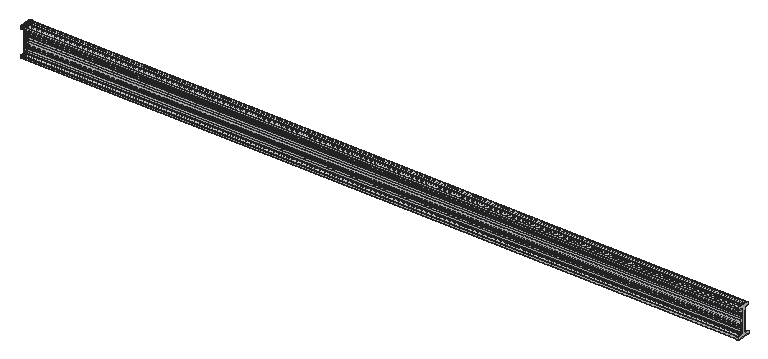
Revit family "Xbeam - 10m Beam Only", category Structural Framing, Revit 2017 (continued)
Automatic sketch dimensions
  Extrusion 4 sketch curve to Extrusion 4 sketch curve = 3.996 mm  (x2)
  Extrusion 4 sketch curve to Extrusion 4 sketch curve = 1.783 mm  (x2)
  Extrusion 4 sketch curve to Extrusion 4 sketch curve = 0.866 mm  (x2)
  Extrusion 4 sketch curve to Extrusion 4 sketch curve = 1.519 mm
  Extrusion 4 sketch curve to Extrusion 4 sketch curve = 2.443 mm  (x2)
  Extrusion 4 sketch curve to Extrusion 4 sketch curve = 0.769 mm
  Extrusion 4 sketch curve to Extrusion 4 sketch curve = 2.023 mm  (x2)
  Extrusion 4 sketch curve to Extrusion 4 sketch curve = 0.914 mm  (x2)
  Extrusion 4 sketch curve to Extrusion 4 sketch curve = 1.963 mm  (x2)
  Extrusion 4 sketch curve to Extrusion 4 sketch curve = 0.661 mm
  Extrusion 4 sketch curve to Extrusion 4 sketch curve = 1.095 mm
  Extrusion 4 sketch curve to Extrusion 4 sketch curve = 1.347 mm
  Extrusion 4 sketch curve to Extrusion 4 sketch curve = 1.097 mm
  Extrusion 4 sketch curve to Extrusion 4 sketch curve = 3.533 mm  (x2)
  Extrusion 4 sketch curve to Extrusion 4 sketch curve = 0.479 mm
  Extrusion 4 sketch curve to Extrusion 4 sketch curve = 0.61 mm  (x2)
  Extrusion 4 sketch curve to Extrusion 4 sketch curve = 0.619 mm
  Extrusion 4 sketch curve to Extrusion 4 sketch curve = 28.716 mm
  Extrusion 4 sketch curve to Extrusion 4 sketch curve = 3.8 mm
  Extrusion 4 sketch curve to Extrusion 4 sketch curve = 21.268 mm
  Extrusion 4 sketch curve to Extrusion 4 sketch curve = 21.014 mm
  Extrusion 4 sketch curve to Extrusion 4 sketch curve = 3.951 mm
  Extrusion 4 sketch curve to Extrusion 4 sketch curve = 0.587 mm
  Extrusion 4 sketch curve to Extrusion 4 sketch curve = 25.193 mm
  Extrusion 4 sketch curve to Extrusion 4 sketch curve = 1.771 mm
  Extrusion 4 sketch curve to Extrusion 4 sketch curve = 0.286 mm
  Extrusion 4 sketch curve to Extrusion 4 sketch curve = 0.41 mm
  Extrusion 4 sketch curve to Extrusion 4 sketch curve = 0.599 mm
  Extrusion 4 sketch curve to Extrusion 4 sketch curve = 2.751 mm
  Extrusion 4 sketch curve to Extrusion 4 sketch curve = 2.62 mm
  Extrusion 4 sketch curve to Extrusion 4 sketch curve = 0.383 mm
  Extrusion 4 sketch curve to Extrusion 4 sketch curve = 2.364 mm
  Extrusion 4 sketch curve to Extrusion 4 sketch curve = 0.268 mm
  Extrusion 4 sketch curve to Extrusion 4 sketch curve = 2.833 mm
  Extrusion 4 sketch curve to Extrusion 4 sketch curve = 2.017 mm
  Extrusion 4 sketch curve to Extrusion 4 sketch curve = 1.173 mm
  Extrusion 4 sketch curve to Extrusion 4 sketch curve = 0.781 mm
  Extrusion 4 sketch curve to Extrusion 4 sketch curve = 2.506 mm
  Extrusion 4 sketch curve to Extrusion 4 sketch curve = 0.776 mm
  Extrusion 5 sketch curve to plane 1 "Center (Front/Back)" = 0 mm
  Extrusion 5 sketch curve to Extrusion 5 sketch curve = 0.6 mm
  Extrusion 5 sketch curve to Extrusion 5 sketch curve = 0.011 mm
  Extrusion 5 sketch curve to plane 1 "Center (Front/Back)" = 0.678 mm
  Extrusion 5 sketch curve to Extrusion 5 sketch curve = 0.051 mm
  Extrusion 5 sketch curve to Extrusion 5 sketch curve = 0.868 mm
  Extrusion 5 sketch curve to Extrusion 5 sketch curve = 0.441 mm
  Extrusion 5 sketch curve to Extrusion 5 sketch curve = 0.521 mm
  Extrusion 5 sketch curve to Extrusion 5 sketch curve = 0.318 mm
  Extrusion 5 sketch curve to Extrusion 5 sketch curve = 2.81 mm
  Extrusion 5 sketch curve to Extrusion 5 sketch curve = 0.07 mm
  Extrusion 5 sketch curve to Extrusion 5 sketch curve = 57.995 mm
  Extrusion 5 sketch curve to Extrusion 5 sketch curve = 0.054 mm
  Extrusion 5 sketch curve to Extrusion 5 sketch curve = 0.036 mm
  Extrusion 5 sketch curve to Extrusion 5 sketch curve = 0.045 mm
  Extrusion 5 sketch curve to Extrusion 5 sketch curve = 0.64 mm
  Extrusion 5 sketch curve to Extrusion 5 sketch curve = 0.774 mm  (x2)
  Extrusion 5 sketch curve to Extrusion 5 sketch curve = 0.644 mm
  Extrusion 5 sketch curve to Extrusion 5 sketch curve = 1.3 mm  (x2)
  Extrusion 5 sketch curve to level = 370.274 mm
  Extrusion 5 sketch curve to Extrusion 5 sketch curve = 0.174 mm
  Extrusion 5 sketch curve to Extrusion 5 sketch curve = 1.863 mm
  Extrusion 5 sketch curve to Extrusion 5 sketch curve = 0.327 mm
  Extrusion 5 sketch curve to Extrusion 5 sketch curve = 0.328 mm
  Extrusion 5 sketch curve to Extrusion 5 sketch curve = 0 mm  (x3)
  Extrusion 5 sketch curve to Extrusion 5 sketch curve = 0.455 mm
  Extrusion 5 sketch curve to Extrusion 5 sketch curve = 0.998 mm
  Extrusion 5 sketch curve to Extrusion 5 sketch curve = 1.49 mm
  Extrusion 5 sketch curve to Extrusion 5 sketch curve = 2.959 mm
  Extrusion 5 sketch curve to Extrusion 5 sketch curve = 1.462 mm
  Extrusion 5 sketch curve to Extrusion 5 sketch curve = 1.501 mm
  Extrusion 5 sketch curve to Extrusion 5 sketch curve = 4.574 mm
  Extrusion 5 sketch curve to Extrusion 5 sketch curve = 0.532 mm
  Extrusion 5 sketch curve to Extrusion 5 sketch curve = 0.475 mm
  Extrusion 5 sketch curve to Extrusion 5 sketch curve = 2.664 mm
  Extrusion 5 sketch curve to Extrusion 5 sketch curve = 0.562 mm
  Extrusion 5 sketch curve to Extrusion 5 sketch curve = 0.526 mm
  Extrusion 5 sketch curve to Extrusion 5 sketch curve = 0.359 mm
  plane 1 "Center (Front/Back)" to Extrusion 6 sketch curve = 100.2 mm
  Extrusion 6 sketch curve to Extrusion 6 sketch curve = 0.656 mm
  Extrusion 6 sketch curve to Extrusion 6 sketch curve = 1.3 mm  (x3)
  Extrusion 6 sketch curve to Extrusion 6 sketch curve = 0.644 mm
  Extrusion 6 sketch curve to Extrusion 6 sketch curve = 0.64 mm
  Extrusion 6 sketch curve to Extrusion 6 sketch curve = 0.045 mm
  Extrusion 6 sketch curve to Extrusion 6 sketch curve = 0.72 mm
  Extrusion 6 sketch curve to Extrusion 6 sketch curve = 0.054 mm
  Extrusion 6 sketch curve to Extrusion 6 sketch curve = 58.06 mm
  Extrusion 6 sketch curve to Extrusion 6 sketch curve = 0.07 mm
  Extrusion 6 sketch curve to Extrusion 6 sketch curve = 2.482 mm
  Extrusion 6 sketch curve to Extrusion 6 sketch curve = 0.318 mm
  Extrusion 6 sketch curve to Extrusion 6 sketch curve = 0.079 mm
  Extrusion 6 sketch curve to Extrusion 6 sketch curve = 0.441 mm
  Extrusion 6 sketch curve to Extrusion 6 sketch curve = 1.192 mm
  Extrusion 6 sketch curve to Extrusion 6 sketch curve = 0.051 mm
  Extrusion 6 sketch curve to Extrusion 6 sketch curve = 0.868 mm
  Extrusion 6 sketch curve to Extrusion 6 sketch curve = 0.011 mm
  Extrusion 6 sketch curve to Extrusion 6 sketch curve = 0.6 mm
  level to Extrusion 6 sketch curve = 370.274 mm
  Extrusion 6 sketch curve to Extrusion 6 sketch curve = 0.174 mm
  Extrusion 6 sketch curve to Extrusion 6 sketch curve = 1.863 mm
  Extrusion 6 sketch curve to Extrusion 6 sketch curve = 0.327 mm
  Extrusion 6 sketch curve to Extrusion 6 sketch curve = 0.328 mm
  Extrusion 6 sketch curve to Extrusion 6 sketch curve = 0 mm  (x4)
  Extrusion 6 sketch curve to Extrusion 6 sketch curve = 0.455 mm
  Extrusion 6 sketch curve to Extrusion 6 sketch curve = 0.998 mm
  Extrusion 6 sketch curve to Extrusion 6 sketch curve = 1.49 mm
  Extrusion 6 sketch curve to Extrusion 6 sketch curve = 2.959 mm
  Extrusion 6 sketch curve to Extrusion 6 sketch curve = 1.462 mm
  Extrusion 6 sketch curve to Extrusion 6 sketch curve = 1.501 mm
  Extrusion 6 sketch curve to Extrusion 6 sketch curve = 4.574 mm
  Extrusion 6 sketch curve to Extrusion 6 sketch curve = 0.532 mm
  Extrusion 6 sketch curve to Extrusion 6 sketch curve = 0.475 mm
  Extrusion 6 sketch curve to Extrusion 6 sketch curve = 2.664 mm
  Extrusion 6 sketch curve to Extrusion 6 sketch curve = 0.526 mm
  Extrusion 6 sketch curve to Extrusion 6 sketch curve = 0.359 mm
  plane 1 "Center (Front/Back)" to Extrusion 7 sketch curve = 0 mm
  plane 1 "Center (Front/Back)" to Extrusion 7 sketch curve = 0.539 mm
  Extrusion 7 sketch curve to Extrusion 7 sketch curve = 0.754 mm  (x3)
  Extrusion 7 sketch curve to Extrusion 7 sketch curve = 0.918 mm
  Extrusion 7 sketch curve to Extrusion 7 sketch curve = 0.944 mm  (x2)
  Extrusion 7 sketch curve to Extrusion 7 sketch curve = 0.238 mm  (x2)
  Extrusion 7 sketch curve to Extrusion 7 sketch curve = 1.941 mm
  Extrusion 7 sketch curve to Extrusion 7 sketch curve = 0.41 mm  (x3)
  plane 1 "Center (Front/Back)" to Extrusion 7 sketch curve = 2.47 mm  (x2)
  Extrusion 7 sketch curve to Extrusion 7 sketch curve = 0 mm  (x53)
  Extrusion 7 sketch curve to Extrusion 7 sketch curve = 0.798 mm
  Extrusion 7 sketch curve to Extrusion 7 sketch curve = 0.58 mm  (x2)
  Extrusion 7 sketch curve to Extrusion 7 sketch curve = 0.53 mm  (x37)
  Extrusion 7 sketch curve to Extrusion 7 sketch curve = 1.059 mm  (x2)
  Extrusion 7 sketch curve to Extrusion 7 sketch curve = 0.893 mm  (x2)
  Extrusion 7 sketch curve to Extrusion 7 sketch curve = 9.75 mm  (x3)
  Extrusion 7 sketch curve to Extrusion 7 sketch curve = 39.68 mm  (x2)
  Extrusion 7 sketch curve to Extrusion 7 sketch curve = 0.8 mm  (x4)
  Extrusion 7 sketch curve to Extrusion 7 sketch curve = 9.47 mm  (x2)
  Extrusion 7 sketch curve to Extrusion 7 sketch curve = 0.619 mm  (x2)
  Extrusion 7 sketch curve to Extrusion 7 sketch curve = 1 mm  (x2)
  Extrusion 7 sketch curve to Extrusion 7 sketch curve = 0.5 mm  (x10)
  Extrusion 7 sketch curve to Extrusion 7 sketch curve = 2 mm
  Extrusion 7 sketch curve to Extrusion 7 sketch curve = 0.408 mm
  Extrusion 7 sketch curve to Extrusion 7 sketch curve = 0.532 mm
  Extrusion 7 sketch curve to Extrusion 7 sketch curve = 3.87 mm  (x2)
  Extrusion 7 sketch curve to Extrusion 7 sketch curve = 1.61 mm
  Extrusion 7 sketch curve to Extrusion 7 sketch curve = 0.249 mm
  Extrusion 7 sketch curve to Extrusion 7 sketch curve = 2.8 mm
  Extrusion 7 sketch curve to Extrusion 7 sketch curve = 0.2 mm
  Extrusion 7 sketch curve to Extrusion 7 sketch curve = 0.248 mm
  Extrusion 7 sketch curve to Extrusion 7 sketch curve = 0.919 mm  (x2)
  Extrusion 7 sketch curve to Extrusion 7 sketch curve = 0.534 mm  (x16)
  Extrusion 7 sketch curve to Extrusion 7 sketch curve = 0.992 mm  (x2)
  Extrusion 7 sketch curve to Extrusion 7 sketch curve = 0.82 mm
  Extrusion 7 sketch curve to Extrusion 7 sketch curve = 2.002 mm  (x2)
  Extrusion 7 sketch curve to Extrusion 7 sketch curve = 1.381 mm
  Extrusion 7 sketch curve to Extrusion 7 sketch curve = 1.53 mm
  Extrusion 7 sketch curve to Extrusion 7 sketch curve = 1.145 mm
  Extrusion 7 sketch curve to Extrusion 7 sketch curve = 1.98 mm
  Extrusion 7 sketch curve to Extrusion 7 sketch curve = 0.826 mm
  Extrusion 7 sketch curve to Extrusion 7 sketch curve = 1.422 mm
  Extrusion 7 sketch curve to Extrusion 7 sketch curve = 1.785 mm
  Extrusion 7 sketch curve to Extrusion 7 sketch curve = 0.38 mm
  Extrusion 7 sketch curve to Extrusion 7 sketch curve = 1.612 mm
  Extrusion 7 sketch curve to Extrusion 7 sketch curve = 1.063 mm  (x2)
  Extrusion 7 sketch curve to Extrusion 7 sketch curve = 0.749 mm
  Extrusion 7 sketch curve to Extrusion 7 sketch curve = 12.195 mm
  Extrusion 7 sketch curve to Extrusion 7 sketch curve = 12.604 mm
  Extrusion 7 sketch curve to Extrusion 7 sketch curve = 10.65 mm
  Extrusion 7 sketch curve to Extrusion 7 sketch curve = 1.428 mm
  Extrusion 7 sketch curve to Extrusion 7 sketch curve = 0.84 mm
  Extrusion 7 sketch curve to Extrusion 7 sketch curve = 2.64 mm
  Extrusion 7 sketch curve to Extrusion 7 sketch curve = 1.002 mm
  Extrusion 7 sketch curve to Extrusion 7 sketch curve = 2.309 mm
  Extrusion 7 sketch curve to Extrusion 7 sketch curve = 0.308 mm
  Extrusion 7 sketch curve to Extrusion 7 sketch curve = 0.78 mm
  Extrusion 7 sketch curve to Extrusion 7 sketch curve = 13.002 mm
  Extrusion 7 sketch curve to Extrusion 7 sketch curve = 5.915 mm
  Extrusion 7 sketch curve to Extrusion 7 sketch curve = 0.19 mm
  Extrusion 7 sketch curve to Extrusion 7 sketch curve = 13.411 mm
  Extrusion 7 sketch curve to Extrusion 7 sketch curve = 0.273 mm
  Extrusion 7 sketch curve to Extrusion 7 sketch curve = 0.76 mm
  Extrusion 7 sketch curve to Extrusion 7 sketch curve = 19.229 mm
  Extrusion 7 sketch curve to Extrusion 7 sketch curve = 1.383 mm
  Extrusion 7 sketch curve to Extrusion 7 sketch curve = 0.657 mm
  Extrusion 7 sketch curve to Extrusion 7 sketch curve = 3 mm
  Extrusion 7 sketch curve to Extrusion 7 sketch curve = 0.759 mm
  Extrusion 7 sketch curve to Extrusion 7 sketch curve = 3.781 mm
  Extrusion 7 sketch curve to Extrusion 7 sketch curve = 0.088 mm
  Extrusion 7 sketch curve to Extrusion 7 sketch curve = 1.5 mm  (x3)
  Extrusion 7 sketch curve to Extrusion 7 sketch curve = 0.484 mm
  Extrusion 7 sketch curve to Extrusion 7 sketch curve = 0.436 mm
  Extrusion 7 sketch curve to Extrusion 7 sketch curve = 1.397 mm
  level to Extrusion 7 sketch curve = 400 mm
  Extrusion 7 sketch curve to Extrusion 7 sketch curve = 0.859 mm  (x2)
  Extrusion 7 sketch curve to Extrusion 7 sketch curve = 1.146 mm  (x4)
  Extrusion 7 sketch curve to Extrusion 7 sketch curve = 0.608 mm  (x38)
  Extrusion 7 sketch curve to Extrusion 7 sketch curve = 0.709 mm  (x2)
  Extrusion 7 sketch curve to Extrusion 7 sketch curve = 5 mm
  Extrusion 7 sketch curve to Extrusion 7 sketch curve = 0.599 mm  (x39)
  Extrusion 7 sketch curve to Extrusion 7 sketch curve = 1.021 mm  (x2)
  Extrusion 7 sketch curve to Extrusion 7 sketch curve = 1.293 mm  (x34)
  Extrusion 7 sketch curve to Extrusion 7 sketch curve = 0.502 mm  (x2)
  Extrusion 7 sketch curve to Extrusion 7 sketch curve = 1.598 mm  (x2)
  Extrusion 7 sketch curve to Extrusion 7 sketch curve = 0.639 mm  (x2)
  Extrusion 7 sketch curve to Extrusion 7 sketch curve = 0.124 mm  (x2)
  Extrusion 7 sketch curve to Extrusion 7 sketch curve = 0.847 mm  (x2)
  Extrusion 7 sketch curve to Extrusion 7 sketch curve = 0.366 mm  (x2)
  Extrusion 7 sketch curve to Extrusion 7 sketch curve = 0.423 mm  (x2)
  Extrusion 7 sketch curve to Extrusion 7 sketch curve = 5.979 mm  (x2)
  Extrusion 7 sketch curve to Extrusion 7 sketch curve = 0.636 mm  (x2)
  Extrusion 7 sketch curve to Extrusion 7 sketch curve = 0.261 mm  (x2)
  Extrusion 7 sketch curve to Extrusion 7 sketch curve = 2.427 mm  (x2)
  Extrusion 7 sketch curve to Extrusion 7 sketch curve = 1.499 mm  (x2)
  Extrusion 7 sketch curve to Extrusion 7 sketch curve = 2.324 mm  (x2)
  Extrusion 7 sketch curve to Extrusion 7 sketch curve = 1.323 mm  (x2)
  Extrusion 7 sketch curve to Extrusion 7 sketch curve = 4.829 mm  (x2)
  Extrusion 7 sketch curve to Extrusion 7 sketch curve = 0.801 mm  (x2)
  Extrusion 7 sketch curve to Extrusion 7 sketch curve = 12.957 mm
  Extrusion 7 sketch curve to Extrusion 7 sketch curve = 4 mm
  Extrusion 7 sketch curve to Extrusion 7 sketch curve = 7.484 mm
  Extrusion 7 sketch curve to Extrusion 7 sketch curve = 33.263 mm
  Extrusion 7 sketch curve to Extrusion 7 sketch curve = 1.771 mm
  Extrusion 7 sketch curve to Extrusion 7 sketch curve = 0.286 mm
  Extrusion 7 sketch curve to Extrusion 7 sketch curve = 0.61 mm
  Extrusion 7 sketch curve to Extrusion 7 sketch curve = 2.751 mm
  Extrusion 7 sketch curve to Extrusion 7 sketch curve = 2.62 mm
  Extrusion 7 sketch curve to Extrusion 7 sketch curve = 0.383 mm
  Extrusion 7 sketch curve to Extrusion 7 sketch curve = 3.533 mm
  Extrusion 7 sketch curve to Extrusion 7 sketch curve = 2.364 mm
  Extrusion 7 sketch curve to Extrusion 7 sketch curve = 1.963 mm
  Extrusion 7 sketch curve to Extrusion 7 sketch curve = 0.914 mm
  Extrusion 7 sketch curve to Extrusion 7 sketch curve = 0.268 mm
  Extrusion 7 sketch curve to Extrusion 7 sketch curve = 2.023 mm
  Extrusion 7 sketch curve to Extrusion 7 sketch curve = 0.603 mm  (x16)
  Extrusion 7 sketch curve to Extrusion 7 sketch curve = 2.443 mm
  Extrusion 7 sketch curve to Extrusion 7 sketch curve = 0.596 mm  (x16)
  Extrusion 7 sketch curve to Extrusion 7 sketch curve = 0.866 mm
  Extrusion 7 sketch curve to Extrusion 7 sketch curve = 1.312 mm  (x14)
  Extrusion 7 sketch curve to Extrusion 7 sketch curve = 1.783 mm
  Extrusion 7 sketch curve to Extrusion 7 sketch curve = 3.996 mm
  Extrusion 7 sketch curve to Extrusion 7 sketch curve = 2.833 mm
  Extrusion 7 sketch curve to Extrusion 7 sketch curve = 2.017 mm
  Extrusion 7 sketch curve to Extrusion 7 sketch curve = 0.285 mm
  Extrusion 7 sketch curve to Extrusion 7 sketch curve = 1.173 mm
  Extrusion 7 sketch curve to Extrusion 7 sketch curve = 0.781 mm
  Extrusion 7 sketch curve to Extrusion 7 sketch curve = 2.506 mm
  Extrusion 7 sketch curve to Extrusion 7 sketch curve = 0.776 mm
  Extrusion 8 sketch curve to Extrusion 8 sketch curve = 315.138 mm
  Extrusion 8 sketch curve to Extrusion 8 sketch curve = 118.299 mm  (x2)
  Extrusion 8 sketch curve to Extrusion 8 sketch curve = 150.252 mm
  Extrusion 9 sketch curve to Extrusion 9 sketch curve = 55.566 mm
  Extrusion 9 sketch curve to Extrusion 9 sketch curve = 14.434 mm
  Extrusion 9 sketch curve to Extrusion 9 sketch curve = 25 mm  (x2)
  Extrusion 9 sketch curve to Extrusion 9 sketch curve = 21.559 mm
  Extrusion 9 sketch curve to Extrusion 9 sketch curve = 130.759 mm
  Extrusion 9 sketch curve to Extrusion 9 sketch curve = 37.341 mm
  Extrusion 9 sketch curve to Extrusion 9 sketch curve = 43.441 mm
  Extrusion 9 sketch curve to Extrusion 9 sketch curve = 82.265 mm
  Extrusion 8 sketch curve to Extrusion 8 sketch curve = 55.567 mm
Nested families
  nested 1: "tapa viga" at (0, 0, 0), type "tapa viga"
  nested 2: "tapa viga" at (10000, 0, 0) x (-1, 0, 0) z (0, 0, 1), type "tapa viga"
Definition of nested family "tapa viga"
  Reference planes
    plane 1 "Center (Front/Back)": y = 0
    plane 2: z = 0
    plane 3 "Center (Left/Right)": x = 0
  Forms (mm)
    Extrusion 1, solid
      sketch origin (0, 137.364, -83.54) x (0, 1, 0) y (0, 0, 1)
        loop
          line (-202.864, 428.045) -> (-200.864, 433.54) -> (-200.864, 443.909)
          arc (-200.864, 443.909) -> (-200.596, 444.59) -> (-199.935, 444.905) r 0.998
          line (-199.935, 444.905) -> (-137.364, 449.28) -> (-137.364, 481.534)
          arc (-137.364, 481.534) -> (-137.952, 482.953) -> (-139.37, 483.54) r 2.006
          line (-139.37, 483.54) -> (-300.409, 483.54)
          arc (-300.409, 483.54) -> (-301.792, 482.968) -> (-302.364, 481.585) r 1.955
          line (-302.364, 481.585) -> (-302.364, 449.28) -> (-239.769, 444.903)
          arc (-239.769, 444.903) -> (-239.125, 444.596) -> (-238.864, 443.932) r 0.973
          line (-238.864, 443.932) -> (-238.864, 433.54) -> (-236.864, 428.045) -> (-236.864, 139.035) -> (-238.864, 133.54) -> (-238.864, 123.144)
          arc (-238.864, 123.144) -> (-239.124, 122.483) -> (-239.765, 122.178) r 0.969
          line (-239.765, 122.178) -> (-302.364, 117.8) -> (-302.364, 85.602)
          arc (-302.364, 85.602) -> (-301.76, 84.144) -> (-300.302, 83.54) r 2.062
          line (-300.302, 83.54) -> (-139.435, 83.54)
          arc (-139.435, 83.54) -> (-137.97, 84.147) -> (-137.364, 85.611) r 2.071
          line (-137.364, 85.611) -> (-137.364, 117.8) -> (-199.94, 122.176)
          arc (-199.94, 122.176) -> (-200.597, 122.489) -> (-200.864, 123.167) r 0.993
          line (-200.864, 123.167) -> (-200.864, 133.54) -> (-202.864, 139.035) -> (-202.864, 428.045)
      from 0 to 1.6
    Extrusion 2, solid
      sketch origin (113.996, -99.5, -23.522) x (-1, 0, 0) y (0, 0, -1)
        loop
          arc (89.996, -272.781) -> (90.044, -273.516) -> (90.188, -274.238) r 5.63
          line (90.188, -274.238) -> (112.396, -357.12) -> (112.396, -89.924) -> (90.271, -172.498)
          arc (90.271, -172.498) -> (90.065, -173.531) -> (89.996, -174.583) r 8.057
          line (89.996, -174.583) -> (89.996, -272.781)
        loop
          circle (99.996, -268.522) r 3.4
        loop
          circle (99.996, -178.522) r 3.4
      from 0 to 1.6
    Extrusion 3, solid
      sketch origin (113.996, -63.9, -23.522) x (-1, 0, 0) y (0, 0, -1)
        loop
          arc (89.996, -272.781) -> (90.044, -273.516) -> (90.188, -274.238) r 5.63
          line (90.188, -274.238) -> (112.396, -357.12) -> (112.396, -89.924) -> (90.271, -172.498)
          arc (90.271, -172.498) -> (90.065, -173.531) -> (89.996, -174.583) r 8.057
          line (89.996, -174.583) -> (89.996, -272.781)
        loop
          circle (99.996, -268.522) r 3.4
        loop
          circle (99.996, -178.522) r 3.4
      from 0 to 1.6
    Extrusion 4, solid
      sketch origin (0, 0, 0) x (1, 0, 0) y (0, 1, 0)
        loop
          line (1.6, -101.1) -> (1.6, -99.5) -> (0, -99.5)
          arc (0, -99.5) -> (0.469, -100.631) -> (1.6, -101.1) r 1.6
      from 66.402 to 333.598
    Extrusion 5, solid
      sketch origin (0, -165, 0) x (1, 0, 0) y (0, 1, 0)
        loop
          arc (1.6, 101.1) -> (0.469, 100.631) -> (0, 99.5) r 1.6
          line (0, 99.5) -> (1.6, 99.5) -> (1.6, 101.1)
      from 66.402 to 333.598
    Extrusion 6, solid
      sketch origin (-74.757, -7.68, -1.6) x (1, 0, 0) y (0, 1, 0)
        loop
          line (76.357, -147.767) -> (97.8, -94.694)
          arc (97.8, -94.694) -> (98.516, -92.278) -> (98.757, -89.769) r 13.147
          line (98.757, -89.769) -> (98.757, -59.82)
          arc (98.757, -59.82) -> (98.521, -57.37) -> (97.822, -55.011) r 12.84
          line (97.822, -55.011) -> (76.357, -1.883) -> (76.357, -147.767)
        loop
          circle (88.757, -74.825) r 3.4
      from 0 to 1.6
    Extrusion 7, solid
      sketch origin (0, 0, 0) x (1, 0, 0) y (0, 0, 1)
        loop
          arc (0, 0) -> (0.469, -1.131) -> (1.6, -1.6) r 1.6
          line (1.6, -1.6) -> (1.6, 0) -> (0, 0)
      from 9.562 to 155.446
    Extrusion 8, solid
      sketch origin (-74.757, -7.68, 400) x (0, -1, 0) y (1, 0, 0)
        loop
          line (147.767, 76.357) -> (94.694, 97.8)
          arc (94.694, 97.8) -> (92.278, 98.516) -> (89.769, 98.757) r 13.147
          line (89.769, 98.757) -> (59.82, 98.757)
          arc (59.82, 98.757) -> (57.37, 98.521) -> (55.011, 97.822) r 12.84
          line (55.011, 97.822) -> (1.883, 76.357) -> (147.767, 76.357)
        loop
          circle (74.825, 88.757) r 3.4
      from 0 to 1.6
    Extrusion 9, solid
      sketch origin (0, 0, 400) x (1, 0, 0) y (0, 0, 1)
        loop
          line (0, 0) -> (1.6, 0) -> (1.6, 1.6)
          arc (1.6, 1.6) -> (0.469, 1.131) -> (0, 0) r 1.6
      from 9.562 to 155.446
    Extrusion 10, solid
      sketch origin (-117.006, -47.548, 357.527) x (1, 0, 0) y (0, 0.997564, -0.069756)
        loop
          line (118.606, -112.048) -> (134.312, -101.05)
          arc (134.312, -101.05) -> (139.232, -95.44) -> (141.006, -88.191) r 15.698
          line (141.006, -88.191) -> (141.006, -84.85)
          arc (141.006, -84.85) -> (139.164, -77.322) -> (134.054, -71.495) r 16.303
          line (134.054, -71.495) -> (118.606, -60.678) -> (118.606, -112.048)
        loop
          circle (130.993, -86.363) r 3.38
      from -1.6 to 0
    Extrusion 11, solid
      sketch origin (0, -47.548, 357.527) x (1, 0, 0) y (0, 0.069756, 0.997564)
        loop
          arc (0, 0) -> (0.469, -1.131) -> (1.6, -1.6) r 1.6
          line (1.6, -1.6) -> (1.6, 0) -> (0, 0)
      from 60.678 to 112.048
    Extrusion 12, solid, not visible
      sketch origin (-7.527, 0, 46.546) x (1, 0, 0) y (0, 1, 0)
        loop
          line (118.606, -112.048) -> (134.312, -101.05)
          arc (134.312, -101.05) -> (139.232, -95.44) -> (141.006, -88.191) r 15.698
          line (141.006, -88.191) -> (141.006, -84.85)
          arc (141.006, -84.85) -> (139.164, -77.322) -> (134.054, -71.495) r 16.303
          line (134.054, -71.495) -> (118.606, -60.678) -> (118.606, -112.048)
        loop
          circle (130.993, -86.363) r 3.38
      from -1.6 to 0
    Extrusion 13, solid, not visible
      sketch origin (109.478, 0, 46.546) x (1, 0, 0) y (0, 0, 1)
        loop
          arc (0, 0) -> (0.469, -1.131) -> (1.6, -1.6) r 1.6
          line (1.6, -1.6) -> (1.6, 0) -> (0, 0)
      from 60.678 to 112.048
    Extrusion 14, solid
      sketch origin (-117.006, -47.548, 42.473) x (1, 0, 0) y (0, -0.997564, -0.069756)
        loop
          line (118.606, 112.048) -> (118.606, 60.678) -> (134.054, 71.495)
          arc (134.054, 71.495) -> (139.164, 77.322) -> (141.006, 84.85) r 16.303
          line (141.006, 84.85) -> (141.006, 88.191)
          arc (141.006, 88.191) -> (139.232, 95.44) -> (134.312, 101.05) r 15.698
          line (134.312, 101.05) -> (118.606, 112.048)
        loop
          circle (130.993, 86.363) r 3.38
      from -1.6 to 0
    Extrusion 15, solid
      sketch origin (0, -47.548, 42.473) x (1, 0, 0) y (0, -0.069756, 0.997564)
        loop
          line (0, 0) -> (1.6, 0) -> (1.6, 1.6)
          arc (1.6, 1.6) -> (0.469, 1.131) -> (0, 0) r 1.6
      from 60.678 to 112.048
    Extrusion 16, solid
      sketch origin (-117.006, -117.461, 357.527) x (1, 0, 0) y (0, 0.997564, 0.069756)
        loop
          line (118.606, 112.048) -> (118.606, 60.678) -> (134.054, 71.495)
          arc (134.054, 71.495) -> (139.164, 77.322) -> (141.006, 84.85) r 16.303
          line (141.006, 84.85) -> (141.006, 88.191)
          arc (141.006, 88.191) -> (139.232, 95.44) -> (134.312, 101.05) r 15.698
          line (134.312, 101.05) -> (118.606, 112.048)
        loop
          circle (130.993, 86.363) r 3.38
      from -1.6 to 0
    Extrusion 17, solid
      sketch origin (0, -117.461, 357.527) x (1, 0, 0) y (0, 0.069756, -0.997564)
        loop
          line (0, 0) -> (1.6, 0) -> (1.6, 1.6)
          arc (1.6, 1.6) -> (0.469, 1.131) -> (0, 0) r 1.6
      from 60.678 to 112.048
    Extrusion 18, solid
      sketch origin (-117.006, -117.461, 42.473) x (1, 0, 0) y (0, -0.997564, 0.069756)
        loop
          line (118.606, -112.048) -> (134.312, -101.05)
          arc (134.312, -101.05) -> (139.232, -95.44) -> (141.006, -88.191) r 15.698
          line (141.006, -88.191) -> (141.006, -84.85)
          arc (141.006, -84.85) -> (139.164, -77.322) -> (134.054, -71.495) r 16.303
          line (134.054, -71.495) -> (118.606, -60.678) -> (118.606, -112.048)
        loop
          circle (130.993, -86.363) r 3.38
      from -1.6 to 0
    Extrusion 19, solid
      sketch origin (0, -117.461, 42.473) x (1, 0, 0) y (0, -0.069756, -0.997564)
        loop
          arc (0, 0) -> (0.469, -1.131) -> (1.6, -1.6) r 1.6
          line (1.6, -1.6) -> (1.6, 0) -> (0, 0)
      from 60.678 to 112.048
    Extrusion 20, solid, not visible
      sketch origin (0, 137.364, -83.54) x (0, 1, 0) y (0, 0, 1)
        loop
          line (-202.864, 428.045) -> (-200.864, 433.54) -> (-200.864, 443.909)
          arc (-200.864, 443.909) -> (-200.596, 444.59) -> (-199.935, 444.905) r 0.998
          line (-199.935, 444.905) -> (-137.364, 449.28) -> (-137.364, 481.534)
          arc (-137.364, 481.534) -> (-137.952, 482.953) -> (-139.37, 483.54) r 2.006
          line (-139.37, 483.54) -> (-300.409, 483.54)
          arc (-300.409, 483.54) -> (-301.792, 482.968) -> (-302.364, 481.585) r 1.955
          line (-302.364, 481.585) -> (-302.364, 449.28) -> (-239.769, 444.903)
          arc (-239.769, 444.903) -> (-239.125, 444.596) -> (-238.864, 443.932) r 0.973
          line (-238.864, 443.932) -> (-238.864, 433.54) -> (-236.864, 428.045) -> (-236.864, 139.035) -> (-238.864, 133.54) -> (-238.864, 123.144)
          arc (-238.864, 123.144) -> (-239.124, 122.483) -> (-239.765, 122.178) r 0.969
          line (-239.765, 122.178) -> (-302.364, 117.8) -> (-302.364, 85.602)
          arc (-302.364, 85.602) -> (-301.76, 84.144) -> (-300.302, 83.54) r 2.062
          line (-300.302, 83.54) -> (-139.435, 83.54)
          arc (-139.435, 83.54) -> (-137.97, 84.147) -> (-137.364, 85.611) r 2.071
          line (-137.364, 85.611) -> (-137.364, 117.8) -> (-199.94, 122.176)
          arc (-199.94, 122.176) -> (-200.597, 122.489) -> (-200.864, 123.167) r 0.993
          line (-200.864, 123.167) -> (-200.864, 133.54) -> (-202.864, 139.035) -> (-202.864, 428.045)
      from 0 to 1.6
    Extrusion 21, solid, not visible
      sketch origin (113.996, -99.5, -23.522) x (-1, 0, 0) y (0, 0, -1)
        loop
          arc (89.996, -272.781) -> (90.044, -273.516) -> (90.188, -274.238) r 5.63
          line (90.188, -274.238) -> (112.396, -357.12) -> (112.396, -89.924) -> (90.271, -172.498)
          arc (90.271, -172.498) -> (90.065, -173.531) -> (89.996, -174.583) r 8.057
          line (89.996, -174.583) -> (89.996, -272.781)
        loop
          circle (99.996, -268.522) r 3.4
        loop
          circle (99.996, -178.522) r 3.4
      from 0 to 1.6
    Extrusion 22, solid, not visible
      sketch origin (113.996, -63.9, -23.522) x (-1, 0, 0) y (0, 0, -1)
        loop
          arc (89.996, -272.781) -> (90.044, -273.516) -> (90.188, -274.238) r 5.63
          line (90.188, -274.238) -> (112.396, -357.12) -> (112.396, -89.924) -> (90.271, -172.498)
          arc (90.271, -172.498) -> (90.065, -173.531) -> (89.996, -174.583) r 8.057
          line (89.996, -174.583) -> (89.996, -272.781)
        loop
          circle (99.996, -268.522) r 3.4
        loop
          circle (99.996, -178.522) r 3.4
      from 0 to 1.6
    Extrusion 23, solid, not visible
      sketch origin (0, 0, 0) x (1, 0, 0) y (0, 1, 0)
        loop
          line (1.6, -101.1) -> (1.6, -99.5) -> (0, -99.5)
          arc (0, -99.5) -> (0.469, -100.631) -> (1.6, -101.1) r 1.6
      from 66.402 to 333.598
    Extrusion 24, solid, not visible
      sketch origin (0, -165, 0) x (1, 0, 0) y (0, 1, 0)
        loop
          arc (1.6, 101.1) -> (0.469, 100.631) -> (0, 99.5) r 1.6
          line (0, 99.5) -> (1.6, 99.5) -> (1.6, 101.1)
      from 66.402 to 333.598
    Extrusion 25, solid, not visible
      sketch origin (-74.757, -7.68, -1.6) x (1, 0, 0) y (0, 1, 0)
        loop
          line (76.357, -147.767) -> (97.8, -94.694)
          arc (97.8, -94.694) -> (98.516, -92.278) -> (98.757, -89.769) r 13.147
          line (98.757, -89.769) -> (98.757, -59.82)
          arc (98.757, -59.82) -> (98.521, -57.37) -> (97.822, -55.011) r 12.84
          line (97.822, -55.011) -> (76.357, -1.883) -> (76.357, -147.767)
        loop
          circle (88.757, -74.825) r 3.4
      from 0 to 1.6
    Extrusion 26, solid, not visible
      sketch origin (0, 0, 0) x (1, 0, 0) y (0, 0, 1)
        loop
          arc (0, 0) -> (0.469, -1.131) -> (1.6, -1.6) r 1.6
          line (1.6, -1.6) -> (1.6, 0) -> (0, 0)
      from 9.562 to 155.446
    Extrusion 27, solid, not visible
      sketch origin (-74.757, -7.68, 400) x (0, -1, 0) y (1, 0, 0)
        loop
          line (147.767, 76.357) -> (94.694, 97.8)
          arc (94.694, 97.8) -> (92.278, 98.516) -> (89.769, 98.757) r 13.147
          line (89.769, 98.757) -> (59.82, 98.757)
          arc (59.82, 98.757) -> (57.37, 98.521) -> (55.011, 97.822) r 12.84
          line (55.011, 97.822) -> (1.883, 76.357) -> (147.767, 76.357)
        loop
          circle (74.825, 88.757) r 3.4
      from 0 to 1.6
    Extrusion 28, solid, not visible
      sketch origin (0, 0, 400) x (1, 0, 0) y (0, 0, 1)
        loop
          line (0, 0) -> (1.6, 0) -> (1.6, 1.6)
          arc (1.6, 1.6) -> (0.469, 1.131) -> (0, 0) r 1.6
      from 9.562 to 155.446
    Extrusion 29, solid, not visible
      sketch origin (-117.006, -47.548, 357.527) x (1, 0, 0) y (0, 0.997564, -0.069756)
        loop
          line (118.606, -112.048) -> (134.312, -101.05)
          arc (134.312, -101.05) -> (139.232, -95.44) -> (141.006, -88.191) r 15.698
          line (141.006, -88.191) -> (141.006, -84.85)
          arc (141.006, -84.85) -> (139.164, -77.322) -> (134.054, -71.495) r 16.303
          line (134.054, -71.495) -> (118.606, -60.678) -> (118.606, -112.048)
        loop
          circle (130.993, -86.363) r 3.38
      from -1.6 to 0
    Extrusion 30, solid, not visible
      sketch origin (0, -47.548, 357.527) x (1, 0, 0) y (0, 0.069756, 0.997564)
        loop
          arc (0, 0) -> (0.469, -1.131) -> (1.6, -1.6) r 1.6
          line (1.6, -1.6) -> (1.6, 0) -> (0, 0)
      from 60.678 to 112.048
    Extrusion 31, solid, not visible
      sketch origin (-117.006, -47.548, 42.473) x (1, 0, 0) y (0, -0.997564, -0.069756)
        loop
          line (118.606, 112.048) -> (118.606, 60.678) -> (134.054, 71.495)
          arc (134.054, 71.495) -> (139.164, 77.322) -> (141.006, 84.85) r 16.303
          line (141.006, 84.85) -> (141.006, 88.191)
          arc (141.006, 88.191) -> (139.232, 95.44) -> (134.312, 101.05) r 15.698
          line (134.312, 101.05) -> (118.606, 112.048)
        loop
          circle (130.993, 86.363) r 3.38
      from -1.6 to 0
    Extrusion 32, solid, not visible
      sketch origin (0, -47.548, 42.473) x (1, 0, 0) y (0, -0.069756, 0.997564)
        loop
          line (0, 0) -> (1.6, 0) -> (1.6, 1.6)
          arc (1.6, 1.6) -> (0.469, 1.131) -> (0, 0) r 1.6
      from 60.678 to 112.048
    Extrusion 33, solid, not visible
      sketch origin (-117.006, -117.461, 357.527) x (1, 0, 0) y (0, 0.997564, 0.069756)
        loop
          line (118.606, 112.048) -> (118.606, 60.678) -> (134.054, 71.495)
          arc (134.054, 71.495) -> (139.164, 77.322) -> (141.006, 84.85) r 16.303
          line (141.006, 84.85) -> (141.006, 88.191)
          arc (141.006, 88.191) -> (139.232, 95.44) -> (134.312, 101.05) r 15.698
          line (134.312, 101.05) -> (118.606, 112.048)
        loop
          circle (130.993, 86.363) r 3.38
      from -1.6 to 0
    Extrusion 34, solid, not visible
      sketch origin (0, -117.461, 357.527) x (1, 0, 0) y (0, 0.069756, -0.997564)
        loop
          line (0, 0) -> (1.6, 0) -> (1.6, 1.6)
          arc (1.6, 1.6) -> (0.469, 1.131) -> (0, 0) r 1.6
      from 60.678 to 112.048
    Extrusion 35, solid, not visible
      sketch origin (-117.006, -117.461, 42.473) x (1, 0, 0) y (0, -0.997564, 0.069756)
        loop
          line (118.606, -112.048) -> (134.312, -101.05)
          arc (134.312, -101.05) -> (139.232, -95.44) -> (141.006, -88.191) r 15.698
          line (141.006, -88.191) -> (141.006, -84.85)
          arc (141.006, -84.85) -> (139.164, -77.322) -> (134.054, -71.495) r 16.303
          line (134.054, -71.495) -> (118.606, -60.678) -> (118.606, -112.048)
        loop
          circle (130.993, -86.363) r 3.38
      from -1.6 to 0
    Extrusion 36, solid, not visible
      sketch origin (0, -117.461, 42.473) x (1, 0, 0) y (0, -0.069756, -0.997564)
        loop
          arc (0, 0) -> (0.469, -1.131) -> (1.6, -1.6) r 1.6
          line (1.6, -1.6) -> (1.6, 0) -> (0, 0)
      from 60.678 to 112.048
  Cuts and joins
    joined: Extrusion 1, Extrusion 2, Extrusion 3, Extrusion 4, Extrusion 5, Extrusion 6, Extrusion 7, Extrusion 8, Extrusion 9, Extrusion 10, Extrusion 11, Extrusion 14, Extrusion 15, Extrusion 16, Extrusion 17, Extrusion 18, Extrusion 19
  Dimensions and locks
    aligned and locked: level to plane 2
